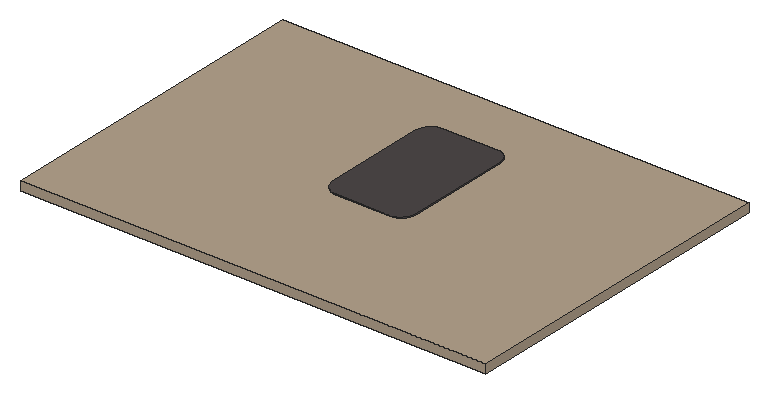
Revit family "console with cutout for bowl with tap hole", category Furniture, Revit 2019 (continued)
Definition of nested family "console 780_550 with cutout in the middle for bowls with tap hole-54120050-dark_walnut-200_content"
  Forms (mm)
    Extrusion 2, solid, visible <- "ContentVisible", detail levels medium+fine
      sketch origin (0, 0, 0) x (1, 0, 0) y (0, 1, 0)
        loop
          arc (70, -120.5) -> (62.678, -102.822) -> (45, -95.5) r 25
          line (45, -95.5) -> (-45, -95.5)
          arc (-45, -95.5) -> (-62.678, -102.822) -> (-70, -120.5) r 25
      from 0 to 16
    Extrusion 3, solid, visible <- "ContentVisible", detail levels coarse
      sketch origin (0, -275, 0) x (1, 0, 0) y (0, 1, 0)
        loop
          line (-390, -275) -> (390, -275) -> (390, 275) -> (-390, 275) -> (-390, -275)
      from 0 to 16
  Dimensions and locks
    aligned and locked: level to plane 2
Definition of nested family "console 780_550 with cutout in the middle for bowls with tap hole-54120050-dark_walnut-400_content"
  Parameters (values of type "Console 780_550 with cutout in the middle for bowls with tap hole-54120050-DARK_WALNUT-400_Content")
    WEIGHT = "8.4"
    UNSPSC = "56 | Furniture and Furnishings"
    UNIFORMATII = "E2010 | Fixed Furnishings"
    UNICLASS2015 = "Pr_40_20_76_94 | Vanity units"
    SURFACE = "DARK_WALNUT"
    SPECIFICATION = "Surfaces:    - 54120050 High Gloss White  - 54120910 Diamond Matt Grey  - 54120230 Natural Oak  - 54120630 Dark Walnut      Specification:"
    REGIONSET = "Worldwide"
    PRODUCTURL = "https://pro.hansgrohe.com/articledetail--54120050"
    PRODUCTGROUP = "console"
    PRODUCTFAMILY = "Xelu Q"
    PERMALINK = "54120XXX"
    OMNICLASS = "23-19 31 17 11 | Bathroom Units"
    OBJECTTYPE = "Object (single object)"
    NN = "Console with cutout for bowl with tap hole"
    NBSYN = "$BASENUMBER.-$ARTNR.-$SURFACE.-$LODLEVEL."
    NB = "Console 780/550 with cutout in the middle for bowls with tap hole-54120050-DARK_WALNUT-400"
    NAME = "Xelu Q Console 780/550 with cutout in the middle for bowls with tap hole"
    Model = "Console 780/550 with cutout in the middle for bowls with tap hole-54120050-DARK_WALNUT-400"
    Manufacturer = "Hansgrohe"
    MASTERFORMAT = "12 35 30.23 | Bathroom Casework"
    LODLEVEL = "400"
    LL = 390
    LINA = "Console 780/550 with cutout in the middle for bowls with tap hole-54120050-DARK_WALNUT-400"
    L1 = 140
    L = 780
    IFC = "Furnishing element"
    GTINCODE = "4059625457658"
    ETIM = "EC011381 | Bathroom furniture set"
    Default Elevation = 1219.2 mm
    DESIGN = "Germany"
    ContentVisible [instance] = yes
    CATALOG = "Hansgrohe"
    BIMOBJECT = "Sanitary: Compound units"
    BASENUMBER = "Console 780/550 with cutout in the middle for bowls with tap hole"
    ARTNR = "54120050"
  Reference planes
    plane 1 "Center (Front/Back)": y = 0
    plane 2: z = 0
    plane 3 "Center (Left/Right)": x = 0
  Forms (mm)
    Extrusion 1, solid, visible <- "ContentVisible", detail levels medium+fine
      sketch origin (0, 0, 0) x (1, 0, 0) y (0, 1, 0)
        loop
          line (-390, 0) -> (-390, -270.5) -> (-172, -270.5)
          arc (-172, -270.5) -> (-165, -263.5) -> (-158, -270.5) r 7
          line (-158, -270.5) -> (-70, -270.5) -> (-70, -120.5)
          arc (-70, -120.5) -> (-62.678, -102.822) -> (-45, -95.5) r 25
          line (-45, -95.5) -> (45, -95.5)
          arc (45, -95.5) -> (62.678, -102.822) -> (70, -120.5) r 25
          line (70, -120.5) -> (70, -270.5) -> (158, -270.5)
          arc (158, -270.5) -> (165, -263.5) -> (172, -270.5) r 7
          line (172, -270.5) -> (390, -270.5) -> (390, 0) -> (-390, 0)
      from 0 to 16
    Extrusion 2, solid, visible <- "ContentVisible", detail levels medium+fine
      sketch origin (0, 0, 0) x (1, 0, 0) y (0, 1, 0)
        loop
          line (-390, -270.5) -> (-390, -532)
          arc (-390, -532) -> (-384.728, -544.728) -> (-372, -550) r 18
          line (-372, -550) -> (372, -550)
          arc (372, -550) -> (384.728, -544.728) -> (390, -532) r 18
          line (390, -532) -> (390, -270.5) -> (172, -270.5)
          arc (172, -270.5) -> (165, -277.5) -> (158, -270.5) r 7
          line (158, -270.5) -> (70, -270.5) -> (70, -295.5)
          arc (70, -295.5) -> (62.678, -313.178) -> (45, -320.5) r 25
          line (45, -320.5) -> (-45, -320.5)
          arc (-45, -320.5) -> (-62.678, -313.178) -> (-70, -295.5) r 25
          line (-70, -295.5) -> (-70, -270.5) -> (-158, -270.5)
          arc (-158, -270.5) -> (-165, -277.5) -> (-172, -270.5) r 7
          line (-172, -270.5) -> (-390, -270.5)
      from 0 to 16
    Extrusion 3, solid, visible <- "ContentVisible", detail levels coarse
      sketch origin (0, -275, 0) x (1, 0, 0) y (0, 1, 0)
        loop
          line (-390, -275) -> (390, -275) -> (390, 275) -> (-390, 275) -> (-390, -275)
      from 0 to 16
  Dimensions and locks
    aligned and locked: level to plane 2
Definition of nested family "console 780_550 with cutout in the middle for bowls with tap hole-54120230-diamond_grey-200_content"
  Parameters (values of type "Console 780_550 with cutout in the middle for bowls with tap hole-54120230-DIAMOND_GREY-200_Content")
    WEIGHT = "8.4"
    UNSPSC = "56 | Furniture and Furnishings"
    UNIFORMATII = "E2010 | Fixed Furnishings"
    UNICLASS2015 = "Pr_40_20_76_94 | Vanity units"
    SURFACE = "DIAMOND_GREY"
    SPECIFICATION = "Surfaces:    - 54120050 High Gloss White  - 54120910 Diamond Matt Grey  - 54120230 Natural Oak  - 54120630 Dark Walnut      Specification:"
    REGIONSET = "Worldwide"
    PRODUCTURL = "https://pro.hansgrohe.com/articledetail--54120050"
    PRODUCTGROUP = "console"
    PRODUCTFAMILY = "Xelu Q"
    PERMALINK = "54120XXX"
    OMNICLASS = "23-19 31 17 11 | Bathroom Units"
    OBJECTTYPE = "Object (single object)"
    NN = "Console with cutout for bowl with tap hole"
    NBSYN = "$BASENUMBER.-$ARTNR.-$SURFACE.-$LODLEVEL."
    NB = "Console 780/550 with cutout in the middle for bowls with tap hole-54120230-DIAMOND_GREY-200"
    NAME = "Xelu Q Console 780/550 with cutout in the middle for bowls with tap hole"
    Model = "Console 780/550 with cutout in the middle for bowls with tap hole-54120230-DIAMOND_GREY-200"
    Manufacturer = "Hansgrohe"
    MASTERFORMAT = "12 35 30.23 | Bathroom Casework"
    LODLEVEL = "200"
    LL = 390
    LINA = "Console 780/550 with cutout in the middle for bowls with tap hole-54120230-DIAMOND_GREY-200"
    L1 = 140
    L = 780
    IFC = "Furnishing element"
    GTINCODE = "4059625457658"
    ETIM = "EC011381 | Bathroom furniture set"
    Default Elevation = 1219.2 mm
    DESIGN = "Germany"
    ContentVisible [instance] = yes
    CATALOG = "Hansgrohe"
    BIMOBJECT = "Sanitary: Compound units"
    BASENUMBER = "Console 780/550 with cutout in the middle for bowls with tap hole"
    ARTNR = "54120230"
  Reference planes
    plane 1 "Center (Front/Back)": y = 0
    plane 2: z = 0
    plane 3 "Center (Left/Right)": x = 0
  Forms (mm)
    Extrusion 1, solid, visible <- "ContentVisible", detail levels medium+fine
      sketch origin (0, 0, 0.5) x (1, 0, 0) y (0, 1, 0)
        loop
          line (-390, 0) -> (-390, -550) -> (390, -550) -> (390, 0) -> (-390, 0)
      from 0 to 15
    Extrusion 2, solid, visible <- "ContentVisible", detail levels medium+fine
      sketch origin (0, 0, 0) x (1, 0, 0) y (0, 1, 0)
        loop
          line (-70, -120.5) -> (-70, -295.5)
          arc (-70, -295.5) -> (-62.678, -313.178) -> (-45, -320.5) r 25
          line (-45, -320.5) -> (45, -320.5)
          arc (45, -320.5) -> (62.678, -313.178) -> (70, -295.5) r 25
          line (70, -295.5) -> (70, -120.5)
          arc (70, -120.5) -> (62.678, -102.822) -> (45, -95.5) r 25
          line (45, -95.5) -> (-45, -95.5)
          arc (-45, -95.5) -> (-62.678, -102.822) -> (-70, -120.5) r 25
      from 0 to 16
    Extrusion 3, solid, visible <- "ContentVisible", detail levels coarse
      sketch origin (0, -275, 0) x (1, 0, 0) y (0, 1, 0)
        loop
          line (-390, -275) -> (390, -275) -> (390, 275) -> (-390, 275) -> (-390, -275)
      from 0 to 16
  Dimensions and locks
    aligned and locked: level to plane 2
Definition of nested family "console 780_550 with cutout in the middle for bowls with tap hole-54120230-diamond_grey-400_content"
  Parameters (values of type "Console 780_550 with cutout in the middle for bowls with tap hole-54120230-DIAMOND_GREY-400_Content")
    WEIGHT = "8.4"
    UNSPSC = "56 | Furniture and Furnishings"
    UNIFORMATII = "E2010 | Fixed Furnishings"
    UNICLASS2015 = "Pr_40_20_76_94 | Vanity units"
    SURFACE = "DIAMOND_GREY"
    SPECIFICATION = "Surfaces:    - 54120050 High Gloss White  - 54120910 Diamond Matt Grey  - 54120230 Natural Oak  - 54120630 Dark Walnut      Specification:"
    REGIONSET = "Worldwide"
    PRODUCTURL = "https://pro.hansgrohe.com/articledetail--54120050"
    PRODUCTGROUP = "console"
    PRODUCTFAMILY = "Xelu Q"
    PERMALINK = "54120XXX"
    OMNICLASS = "23-19 31 17 11 | Bathroom Units"
    OBJECTTYPE = "Object (single object)"
    NN = "Console with cutout for bowl with tap hole"
    NBSYN = "$BASENUMBER.-$ARTNR.-$SURFACE.-$LODLEVEL."
    NB = "Console 780/550 with cutout in the middle for bowls with tap hole-54120230-DIAMOND_GREY-400"
    NAME = "Xelu Q Console 780/550 with cutout in the middle for bowls with tap hole"
    Model = "Console 780/550 with cutout in the middle for bowls with tap hole-54120230-DIAMOND_GREY-400"
    Manufacturer = "Hansgrohe"
    MASTERFORMAT = "12 35 30.23 | Bathroom Casework"
    LODLEVEL = "400"
    LL = 390
    LINA = "Console 780/550 with cutout in the middle for bowls with tap hole-54120230-DIAMOND_GREY-400"
    L1 = 140
    L = 780
    IFC = "Furnishing element"
    GTINCODE = "4059625457658"
    ETIM = "EC011381 | Bathroom furniture set"
    Default Elevation = 1219.2 mm
    DESIGN = "Germany"
    ContentVisible [instance] = yes
    CATALOG = "Hansgrohe"
    BIMOBJECT = "Sanitary: Compound units"
    BASENUMBER = "Console 780/550 with cutout in the middle for bowls with tap hole"
    ARTNR = "54120230"
  Reference planes
    plane 1 "Center (Front/Back)": y = 0
    plane 2: z = 0
    plane 3 "Center (Left/Right)": x = 0
  Forms (mm)
    Extrusion 1, solid, visible <- "ContentVisible", detail levels medium+fine
      sketch origin (0, 0, 0) x (1, 0, 0) y (0, 1, 0)
        loop
          line (-390, 0) -> (-390, -270.5) -> (-172, -270.5)
          arc (-172, -270.5) -> (-165, -263.5) -> (-158, -270.5) r 7
          line (-158, -270.5) -> (-70, -270.5) -> (-70, -120.5)
          arc (-70, -120.5) -> (-62.678, -102.822) -> (-45, -95.5) r 25
          line (-45, -95.5) -> (45, -95.5)
          arc (45, -95.5) -> (62.678, -102.822) -> (70, -120.5) r 25
          line (70, -120.5) -> (70, -270.5) -> (158, -270.5)
          arc (158, -270.5) -> (165, -263.5) -> (172, -270.5) r 7
          line (172, -270.5) -> (390, -270.5) -> (390, 0) -> (-390, 0)
      from 0 to 16
    Extrusion 2, solid, visible <- "ContentVisible", detail levels medium+fine
      sketch origin (0, 0, 0) x (1, 0, 0) y (0, 1, 0)
        loop
          line (-390, -270.5) -> (-390, -532)
          arc (-390, -532) -> (-384.728, -544.728) -> (-372, -550) r 18
          line (-372, -550) -> (372, -550)
          arc (372, -550) -> (384.728, -544.728) -> (390, -532) r 18
          line (390, -532) -> (390, -270.5) -> (172, -270.5)
          arc (172, -270.5) -> (165, -277.5) -> (158, -270.5) r 7
          line (158, -270.5) -> (70, -270.5) -> (70, -295.5)
          arc (70, -295.5) -> (62.678, -313.178) -> (45, -320.5) r 25
          line (45, -320.5) -> (-45, -320.5)
          arc (-45, -320.5) -> (-62.678, -313.178) -> (-70, -295.5) r 25
          line (-70, -295.5) -> (-70, -270.5) -> (-158, -270.5)
          arc (-158, -270.5) -> (-165, -277.5) -> (-172, -270.5) r 7
          line (-172, -270.5) -> (-390, -270.5)
      from 0 to 16
    Extrusion 3, solid, visible <- "ContentVisible", detail levels coarse
      sketch origin (0, -275, 0) x (1, 0, 0) y (0, 1, 0)
        loop
          line (-390, -275) -> (390, -275) -> (390, 275) -> (-390, 275) -> (-390, -275)
      from 0 to 16
  Dimensions and locks
    aligned and locked: level to plane 2
Definition of nested family "console 780_550 with cutout in the middle for bowls with tap hole-54120630-natural_oak-400_content"
  Parameters (values of type "Console 780_550 with cutout in the middle for bowls with tap hole-54120630-NATURAL_OAK-400_Content")
    WEIGHT = "8.4"
    UNSPSC = "56 | Furniture and Furnishings"
    UNIFORMATII = "E2010 | Fixed Furnishings"
    UNICLASS2015 = "Pr_40_20_76_94 | Vanity units"
    SURFACE = "NATURAL_OAK"
    SPECIFICATION = "Surfaces:    - 54120050 High Gloss White  - 54120910 Diamond Matt Grey  - 54120230 Natural Oak  - 54120630 Dark Walnut      Specification:"
    REGIONSET = "Worldwide"
    PRODUCTURL = "https://pro.hansgrohe.com/articledetail--54120050"
    PRODUCTGROUP = "console"
    PRODUCTFAMILY = "Xelu Q"
    PERMALINK = "54120XXX"
    OMNICLASS = "23-19 31 17 11 | Bathroom Units"
    OBJECTTYPE = "Object (single object)"
    NN = "Console with cutout for bowl with tap hole"
    NBSYN = "$BASENUMBER.-$ARTNR.-$SURFACE.-$LODLEVEL."
    NB = "Console 780/550 with cutout in the middle for bowls with tap hole-54120630-NATURAL_OAK-400"
    NAME = "Xelu Q Console 780/550 with cutout in the middle for bowls with tap hole"
    Model = "Console 780/550 with cutout in the middle for bowls with tap hole-54120630-NATURAL_OAK-400"
    Manufacturer = "Hansgrohe"
    MASTERFORMAT = "12 35 30.23 | Bathroom Casework"
    LODLEVEL = "400"
    LL = 390
    LINA = "Console 780/550 with cutout in the middle for bowls with tap hole-54120630-NATURAL_OAK-400"
    L1 = 140
    L = 780
    IFC = "Furnishing element"
    GTINCODE = "4059625457658"
    ETIM = "EC011381 | Bathroom furniture set"
    Default Elevation = 1219.2 mm
    DESIGN = "Germany"
    ContentVisible [instance] = yes
    CATALOG = "Hansgrohe"
    BIMOBJECT = "Sanitary: Compound units"
    BASENUMBER = "Console 780/550 with cutout in the middle for bowls with tap hole"
    ARTNR = "54120630"
  Reference planes
    plane 1 "Center (Front/Back)": y = 0
    plane 2: z = 0
    plane 3 "Center (Left/Right)": x = 0
  Forms (mm)
    Extrusion 1, solid, visible <- "ContentVisible", detail levels medium+fine
      sketch origin (0, 0, 0) x (1, 0, 0) y (0, 1, 0)
        loop
          line (-390, 0) -> (-390, -270.5) -> (-172, -270.5)
          arc (-172, -270.5) -> (-165, -263.5) -> (-158, -270.5) r 7
          line (-158, -270.5) -> (-70, -270.5) -> (-70, -120.5)
          arc (-70, -120.5) -> (-62.678, -102.822) -> (-45, -95.5) r 25
          line (-45, -95.5) -> (45, -95.5)
          arc (45, -95.5) -> (62.678, -102.822) -> (70, -120.5) r 25
          line (70, -120.5) -> (70, -270.5) -> (158, -270.5)
          arc (158, -270.5) -> (165, -263.5) -> (172, -270.5) r 7
          line (172, -270.5) -> (390, -270.5) -> (390, 0) -> (-390, 0)
      from 0 to 16
    Extrusion 2, solid, visible <- "ContentVisible", detail levels medium+fine
      sketch origin (0, 0, 0) x (1, 0, 0) y (0, 1, 0)
        loop
          line (-390, -270.5) -> (-390, -532)
          arc (-390, -532) -> (-384.728, -544.728) -> (-372, -550) r 18
          line (-372, -550) -> (372, -550)
          arc (372, -550) -> (384.728, -544.728) -> (390, -532) r 18
          line (390, -532) -> (390, -270.5) -> (172, -270.5)
          arc (172, -270.5) -> (165, -277.5) -> (158, -270.5) r 7
          line (158, -270.5) -> (70, -270.5) -> (70, -295.5)
          arc (70, -295.5) -> (62.678, -313.178) -> (45, -320.5) r 25
          line (45, -320.5) -> (-45, -320.5)
          arc (-45, -320.5) -> (-62.678, -313.178) -> (-70, -295.5) r 25
          line (-70, -295.5) -> (-70, -270.5) -> (-158, -270.5)
          arc (-158, -270.5) -> (-165, -277.5) -> (-172, -270.5) r 7
          line (-172, -270.5) -> (-390, -270.5)
      from 0 to 16
    Extrusion 3, solid, visible <- "ContentVisible", detail levels coarse
      sketch origin (0, -275, 0) x (1, 0, 0) y (0, 1, 0)
        loop
          line (-390, -275) -> (390, -275) -> (390, 275) -> (-390, 275) -> (-390, -275)
      from 0 to 16
  Dimensions and locks
    aligned and locked: level to plane 2
Definition of nested family "console 780_550 with cutout in the middle for bowls with tap hole-54120910-glossy_white-200_content"
  Parameters (values of type "Console 780_550 with cutout in the middle for bowls with tap hole-54120910-GLOSSY_WHITE-200_Content")
    WEIGHT = "8.4"
    UNSPSC = "56 | Furniture and Furnishings"
    UNIFORMATII = "E2010 | Fixed Furnishings"
    UNICLASS2015 = "Pr_40_20_76_94 | Vanity units"
    SURFACE = "GLOSSY_WHITE"
    SPECIFICATION = "Surfaces:    - 54120050 High Gloss White  - 54120910 Diamond Matt Grey  - 54120230 Natural Oak  - 54120630 Dark Walnut      Specification:"
    REGIONSET = "Worldwide"
    PRODUCTURL = "https://pro.hansgrohe.com/articledetail--54120050"
    PRODUCTGROUP = "console"
    PRODUCTFAMILY = "Xelu Q"
    PERMALINK = "54120XXX"
    OMNICLASS = "23-19 31 17 11 | Bathroom Units"
    OBJECTTYPE = "Object (single object)"
    NN = "Console with cutout for bowl with tap hole"
    NBSYN = "$BASENUMBER.-$ARTNR.-$SURFACE.-$LODLEVEL."
    NB = "Console 780/550 with cutout in the middle for bowls with tap hole-54120910-GLOSSY_WHITE-200"
    NAME = "Xelu Q Console 780/550 with cutout in the middle for bowls with tap hole"
    Model = "Console 780/550 with cutout in the middle for bowls with tap hole-54120910-GLOSSY_WHITE-200"
    Manufacturer = "Hansgrohe"
    MASTERFORMAT = "12 35 30.23 | Bathroom Casework"
    LODLEVEL = "200"
    LL = 390
    LINA = "Console 780/550 with cutout in the middle for bowls with tap hole-54120910-GLOSSY_WHITE-200"
    L1 = 140
    L = 780
    IFC = "Furnishing element"
    GTINCODE = "4059625457658"
    ETIM = "EC011381 | Bathroom furniture set"
    Default Elevation = 1219.2 mm
    DESIGN = "Germany"
    ContentVisible [instance] = yes
    CATALOG = "Hansgrohe"
    BIMOBJECT = "Sanitary: Compound units"
    BASENUMBER = "Console 780/550 with cutout in the middle for bowls with tap hole"
    ARTNR = "54120910"
  Reference planes
    plane 1 "Center (Front/Back)": y = 0
    plane 2: z = 0
    plane 3 "Center (Left/Right)": x = 0
  Forms (mm)
    Extrusion 1, solid, visible <- "ContentVisible", detail levels medium+fine
      sketch origin (0, 0, 0.5) x (1, 0, 0) y (0, 1, 0)
        loop
          line (-390, 0) -> (-390, -550) -> (390, -550) -> (390, 0) -> (-390, 0)
      from 0 to 15
    Extrusion 2, solid, visible <- "ContentVisible", detail levels medium+fine
      sketch origin (0, 0, 0) x (1, 0, 0) y (0, 1, 0)
        loop
          line (-70, -120.5) -> (-70, -295.5)
          arc (-70, -295.5) -> (-62.678, -313.178) -> (-45, -320.5) r 25
          line (-45, -320.5) -> (45, -320.5)
          arc (45, -320.5) -> (62.678, -313.178) -> (70, -295.5) r 25
          line (70, -295.5) -> (70, -120.5)
          arc (70, -120.5) -> (62.678, -102.822) -> (45, -95.5) r 25
          line (45, -95.5) -> (-45, -95.5)
          arc (-45, -95.5) -> (-62.678, -102.822) -> (-70, -120.5) r 25
      from 0 to 16
    Extrusion 3, solid, visible <- "ContentVisible", detail levels coarse
      sketch origin (0, -275, 0) x (1, 0, 0) y (0, 1, 0)
        loop
          line (-390, -275) -> (390, -275) -> (390, 275) -> (-390, 275) -> (-390, -275)
      from 0 to 16
  Dimensions and locks
    aligned and locked: level to plane 2
Definition of nested family "console 780_550 with cutout in the middle for bowls with tap hole-54120910-glossy_white-400_content"
  Parameters (values of type "Console 780_550 with cutout in the middle for bowls with tap hole-54120910-GLOSSY_WHITE-400_Content")
    WEIGHT = "8.4"
    UNSPSC = "56 | Furniture and Furnishings"
    UNIFORMATII = "E2010 | Fixed Furnishings"
    UNICLASS2015 = "Pr_40_20_76_94 | Vanity units"
    SURFACE = "GLOSSY_WHITE"
    SPECIFICATION = "Surfaces:    - 54120050 High Gloss White  - 54120910 Diamond Matt Grey  - 54120230 Natural Oak  - 54120630 Dark Walnut      Specification:"
    REGIONSET = "Worldwide"
    PRODUCTURL = "https://pro.hansgrohe.com/articledetail--54120050"
    PRODUCTGROUP = "console"
    PRODUCTFAMILY = "Xelu Q"
    PERMALINK = "54120XXX"
    OMNICLASS = "23-19 31 17 11 | Bathroom Units"
    OBJECTTYPE = "Object (single object)"
    NN = "Console with cutout for bowl with tap hole"
    NBSYN = "$BASENUMBER.-$ARTNR.-$SURFACE.-$LODLEVEL."
    NB = "Console 780/550 with cutout in the middle for bowls with tap hole-54120910-GLOSSY_WHITE-400"
    NAME = "Xelu Q Console 780/550 with cutout in the middle for bowls with tap hole"
    Model = "Console 780/550 with cutout in the middle for bowls with tap hole-54120910-GLOSSY_WHITE-400"
    Manufacturer = "Hansgrohe"
    MASTERFORMAT = "12 35 30.23 | Bathroom Casework"
    LODLEVEL = "400"
    LL = 390
    LINA = "Console 780/550 with cutout in the middle for bowls with tap hole-54120910-GLOSSY_WHITE-400"
    L1 = 140
    L = 780
    IFC = "Furnishing element"
    GTINCODE = "4059625457658"
    ETIM = "EC011381 | Bathroom furniture set"
    Default Elevation = 1219.2 mm
    DESIGN = "Germany"
    ContentVisible [instance] = yes
    CATALOG = "Hansgrohe"
    BIMOBJECT = "Sanitary: Compound units"
    BASENUMBER = "Console 780/550 with cutout in the middle for bowls with tap hole"
    ARTNR = "54120910"
  Reference planes
    plane 1 "Center (Front/Back)": y = 0
    plane 2: z = 0
    plane 3 "Center (Left/Right)": x = 0
  Forms (mm)
    Extrusion 1, solid, visible <- "ContentVisible", detail levels medium+fine
      sketch origin (0, 0, 0) x (1, 0, 0) y (0, 1, 0)
        loop
          line (-390, 0) -> (-390, -270.5) -> (-172, -270.5)
          arc (-172, -270.5) -> (-165, -263.5) -> (-158, -270.5) r 7
          line (-158, -270.5) -> (-70, -270.5) -> (-70, -120.5)
          arc (-70, -120.5) -> (-62.678, -102.822) -> (-45, -95.5) r 25
          line (-45, -95.5) -> (45, -95.5)
          arc (45, -95.5) -> (62.678, -102.822) -> (70, -120.5) r 25
          line (70, -120.5) -> (70, -270.5) -> (158, -270.5)
          arc (158, -270.5) -> (165, -263.5) -> (172, -270.5) r 7
          line (172, -270.5) -> (390, -270.5) -> (390, 0) -> (-390, 0)
      from 0 to 16
    Extrusion 2, solid, visible <- "ContentVisible", detail levels medium+fine
      sketch origin (0, 0, 0) x (1, 0, 0) y (0, 1, 0)
        loop
          line (-390, -270.5) -> (-390, -532)
          arc (-390, -532) -> (-384.728, -544.728) -> (-372, -550) r 18
          line (-372, -550) -> (372, -550)
          arc (372, -550) -> (384.728, -544.728) -> (390, -532) r 18
          line (390, -532) -> (390, -270.5) -> (172, -270.5)
          arc (172, -270.5) -> (165, -277.5) -> (158, -270.5) r 7
          line (158, -270.5) -> (70, -270.5) -> (70, -295.5)
          arc (70, -295.5) -> (62.678, -313.178) -> (45, -320.5) r 25
          line (45, -320.5) -> (-45, -320.5)
          arc (-45, -320.5) -> (-62.678, -313.178) -> (-70, -295.5) r 25
          line (-70, -295.5) -> (-70, -270.5) -> (-158, -270.5)
          arc (-158, -270.5) -> (-165, -277.5) -> (-172, -270.5) r 7
          line (-172, -270.5) -> (-390, -270.5)
      from 0 to 16
    Extrusion 3, solid, visible <- "ContentVisible", detail levels coarse
      sketch origin (0, -275, 0) x (1, 0, 0) y (0, 1, 0)
        loop
          line (-390, -275) -> (390, -275) -> (390, 275) -> (-390, 275) -> (-390, -275)
      from 0 to 16
  Dimensions and locks
    aligned and locked: level to plane 2
Definition of nested family "console 980_550 with cutout in the middle for bowl with tap hole-54121050-natural_oak-200_content"
  Parameters (values of type "Console 980_550 with cutout in the middle for bowl with tap hole-54121050-NATURAL_OAK-200_Content")
    WEIGHT = "13.2"
    UNSPSC = "56 | Furniture and Furnishings"
    UNIFORMATII = "E2010 | Fixed Furnishings"
    UNICLASS2015 = "Pr_40_20_76_94 | Vanity units"
    SURFACE = "NATURAL_OAK"
    SPECIFICATION = "Surfaces:    - 54121050 High Gloss White  - 54121910 Diamond Matt Grey  - 54121230 Natural Oak  - 54121630 Dark Walnut      Specification:"
    REGIONSET = "Worldwide"
    PRODUCTURL = "https://pro.hansgrohe.com/articledetail--54121050"
    PRODUCTGROUP = "console"
    PRODUCTFAMILY = "Xelu Q"
    PERMALINK = "54121XXX"
    OMNICLASS = "23-19 31 17 11 | Bathroom Units"
    OBJECTTYPE = "Object (single object)"
    NN = "Console with cutout for bowl with tap hole"
    NBSYN = "$BASENUMBER.-$ARTNR.-$SURFACE.-$LODLEVEL."
    NB = "Console 980/550 with cutout in the middle for bowl with tap hole-54121050-NATURAL_OAK-200"
    NAME = "Xelu Q Console 980/550 with cutout in the middle for bowl with tap hole"
    Model = "Console 980/550 with cutout in the middle for bowl with tap hole-54121050-NATURAL_OAK-200"
    Manufacturer = "Hansgrohe"
    MASTERFORMAT = "12 35 30.23 | Bathroom Casework"
    LODLEVEL = "200"
    LL = 490
    LINA = "Console 980/550 with cutout in the middle for bowl with tap hole-54121050-NATURAL_OAK-200"
    L1 = 140
    L = 980
    IFC = "Furnishing element"
    GTINCODE = "4059625458013"
    ETIM = "EC011381 | Bathroom furniture set"
    Default Elevation = 1219.2 mm
    DESIGN = "Germany"
    ContentVisible [instance] = yes
    CATALOG = "Hansgrohe"
    BIMOBJECT = "Sanitary: Compound units"
    BASENUMBER = "Console 980/550 with cutout in the middle for bowl with tap hole"
    ARTNR = "54121050"
  Reference planes
    plane 1 "Center (Front/Back)": y = 0
    plane 2: z = 0
    plane 3 "Center (Left/Right)": x = 0
  Forms (mm)
    Extrusion 1, solid, visible <- "ContentVisible", detail levels medium+fine
      sketch origin (0, 0, 0.5) x (1, 0, 0) y (0, 1, 0)
        loop
          line (-490, 0) -> (-490, -550) -> (490, -550) -> (490, 0) -> (-490, 0)
      from 0 to 15
    Extrusion 2, solid, visible <- "ContentVisible", detail levels medium+fine
      sketch origin (0, 0, 0) x (1, 0, 0) y (0, 1, 0)
        loop
          line (-70, -120.5) -> (-70, -295.5)
          arc (-70, -295.5) -> (-62.678, -313.178) -> (-45, -320.5) r 25
          line (-45, -320.5) -> (45, -320.5)
          arc (45, -320.5) -> (62.678, -313.178) -> (70, -295.5) r 25
          line (70, -295.5) -> (70, -120.5)
          arc (70, -120.5) -> (62.678, -102.822) -> (45, -95.5) r 25
          line (45, -95.5) -> (-45, -95.5)
          arc (-45, -95.5) -> (-62.678, -102.822) -> (-70, -120.5) r 25
      from 0 to 16
    Extrusion 3, solid, visible <- "ContentVisible", detail levels coarse
      sketch origin (0, -275, 0) x (1, 0, 0) y (0, 1, 0)
        loop
          line (-490, -275) -> (490, -275) -> (490, 275) -> (-490, 275) -> (-490, -275)
      from 0 to 16
  Dimensions and locks
    aligned and locked: level to plane 2
Definition of nested family "console 980_550 with cutout in the middle for bowl with tap hole-54121050-natural_oak-400_content"
  Parameters (values of type "Console 980_550 with cutout in the middle for bowl with tap hole-54121050-NATURAL_OAK-400_Content")
    WEIGHT = "13.2"
    UNSPSC = "56 | Furniture and Furnishings"
    UNIFORMATII = "E2010 | Fixed Furnishings"
    UNICLASS2015 = "Pr_40_20_76_94 | Vanity units"
    SURFACE = "NATURAL_OAK"
    SPECIFICATION = "Surfaces:    - 54121050 High Gloss White  - 54121910 Diamond Matt Grey  - 54121230 Natural Oak  - 54121630 Dark Walnut      Specification:"
    REGIONSET = "Worldwide"
    PRODUCTURL = "https://pro.hansgrohe.com/articledetail--54121050"
    PRODUCTGROUP = "console"
    PRODUCTFAMILY = "Xelu Q"
    PERMALINK = "54121XXX"
    OMNICLASS = "23-19 31 17 11 | Bathroom Units"
    OBJECTTYPE = "Object (single object)"
    NN = "Console with cutout for bowl with tap hole"
    NBSYN = "$BASENUMBER.-$ARTNR.-$SURFACE.-$LODLEVEL."
    NB = "Console 980/550 with cutout in the middle for bowl with tap hole-54121050-NATURAL_OAK-400"
    NAME = "Xelu Q Console 980/550 with cutout in the middle for bowl with tap hole"
    Model = "Console 980/550 with cutout in the middle for bowl with tap hole-54121050-NATURAL_OAK-400"
    Manufacturer = "Hansgrohe"
    MASTERFORMAT = "12 35 30.23 | Bathroom Casework"
    LODLEVEL = "400"
    LL = 490
    LINA = "Console 980/550 with cutout in the middle for bowl with tap hole-54121050-NATURAL_OAK-400"
    L1 = 140
    L = 980
    IFC = "Furnishing element"
    GTINCODE = "4059625458013"
    ETIM = "EC011381 | Bathroom furniture set"
    Default Elevation = 1219.2 mm
    DESIGN = "Germany"
    ContentVisible [instance] = yes
    CATALOG = "Hansgrohe"
    BIMOBJECT = "Sanitary: Compound units"
    BASENUMBER = "Console 980/550 with cutout in the middle for bowl with tap hole"
    ARTNR = "54121050"
  Reference planes
    plane 1 "Center (Front/Back)": y = 0
    plane 2: z = 0
    plane 3 "Center (Left/Right)": x = 0
  Forms (mm)
    Extrusion 1, solid, visible <- "ContentVisible", detail levels medium+fine
      sketch origin (0, 0, 0) x (1, 0, 0) y (0, 1, 0)
        loop
          line (-490, 0) -> (-490, -270.5) -> (-172, -270.5)
          arc (-172, -270.5) -> (-165, -263.5) -> (-158, -270.5) r 7
          line (-158, -270.5) -> (-70, -270.5) -> (-70, -120.5)
          arc (-70, -120.5) -> (-62.678, -102.822) -> (-45, -95.5) r 25
          line (-45, -95.5) -> (45, -95.5)
          arc (45, -95.5) -> (62.678, -102.822) -> (70, -120.5) r 25
          line (70, -120.5) -> (70, -270.5) -> (158, -270.5)
          arc (158, -270.5) -> (165, -263.5) -> (172, -270.5) r 7
          line (172, -270.5) -> (490, -270.5) -> (490, 0) -> (-490, 0)
      from 0 to 16
    Extrusion 2, solid, visible <- "ContentVisible", detail levels medium+fine
      sketch origin (0, 0, 0) x (1, 0, 0) y (0, 1, 0)
        loop
          line (-490, -270.5) -> (-490, -532)
          arc (-490, -532) -> (-484.728, -544.728) -> (-472, -550) r 18
          line (-472, -550) -> (472, -550)
          arc (472, -550) -> (484.728, -544.728) -> (490, -532) r 18
          line (490, -532) -> (490, -270.5) -> (172, -270.5)
          arc (172, -270.5) -> (165, -277.5) -> (158, -270.5) r 7
          line (158, -270.5) -> (70, -270.5) -> (70, -295.5)
          arc (70, -295.5) -> (62.678, -313.178) -> (45, -320.5) r 25
          line (45, -320.5) -> (-45, -320.5)
          arc (-45, -320.5) -> (-62.678, -313.178) -> (-70, -295.5) r 25
          line (-70, -295.5) -> (-70, -270.5) -> (-158, -270.5)
          arc (-158, -270.5) -> (-165, -277.5) -> (-172, -270.5) r 7
          line (-172, -270.5) -> (-490, -270.5)
      from 0 to 16
    Extrusion 3, solid, visible <- "ContentVisible", detail levels coarse
      sketch origin (0, -275, 0) x (1, 0, 0) y (0, 1, 0)
        loop
          line (-490, -275) -> (490, -275) -> (490, 275) -> (-490, 275) -> (-490, -275)
      from 0 to 16
  Dimensions and locks
    aligned and locked: level to plane 2
Definition of nested family "console 980_550 with cutout in the middle for bowl with tap hole-54121230-glossy_white-200_content"
  Parameters (values of type "Console 980_550 with cutout in the middle for bowl with tap hole-54121230-GLOSSY_WHITE-200_Content")
    WEIGHT = "13.2"
    UNSPSC = "56 | Furniture and Furnishings"
    UNIFORMATII = "E2010 | Fixed Furnishings"
    UNICLASS2015 = "Pr_40_20_76_94 | Vanity units"
    SURFACE = "GLOSSY_WHITE"
    SPECIFICATION = "Surfaces:    - 54121050 High Gloss White  - 54121910 Diamond Matt Grey  - 54121230 Natural Oak  - 54121630 Dark Walnut      Specification:"
    REGIONSET = "Worldwide"
    PRODUCTURL = "https://pro.hansgrohe.com/articledetail--54121050"
    PRODUCTGROUP = "console"
    PRODUCTFAMILY = "Xelu Q"
    PERMALINK = "54121XXX"
    OMNICLASS = "23-19 31 17 11 | Bathroom Units"
    OBJECTTYPE = "Object (single object)"
    NN = "Console with cutout for bowl with tap hole"
    NBSYN = "$BASENUMBER.-$ARTNR.-$SURFACE.-$LODLEVEL."
    NB = "Console 980/550 with cutout in the middle for bowl with tap hole-54121230-GLOSSY_WHITE-200"
    NAME = "Xelu Q Console 980/550 with cutout in the middle for bowl with tap hole"
    Model = "Console 980/550 with cutout in the middle for bowl with tap hole-54121230-GLOSSY_WHITE-200"
    Manufacturer = "Hansgrohe"
    MASTERFORMAT = "12 35 30.23 | Bathroom Casework"
    LODLEVEL = "200"
    LL = 490
    LINA = "Console 980/550 with cutout in the middle for bowl with tap hole-54121230-GLOSSY_WHITE-200"
    L1 = 140
    L = 980
    IFC = "Furnishing element"
    GTINCODE = "4059625458013"
    ETIM = "EC011381 | Bathroom furniture set"
    Default Elevation = 1219.2 mm
    DESIGN = "Germany"
    ContentVisible [instance] = yes
    CATALOG = "Hansgrohe"
    BIMOBJECT = "Sanitary: Compound units"
    BASENUMBER = "Console 980/550 with cutout in the middle for bowl with tap hole"
    ARTNR = "54121230"
  Reference planes
    plane 1 "Center (Front/Back)": y = 0
    plane 2: z = 0
    plane 3 "Center (Left/Right)": x = 0
  Forms (mm)
    Extrusion 1, solid, visible <- "ContentVisible", detail levels medium+fine
      sketch origin (0, 0, 0.5) x (1, 0, 0) y (0, 1, 0)
        loop
          line (-490, 0) -> (-490, -550) -> (490, -550) -> (490, 0) -> (-490, 0)
      from 0 to 15
    Extrusion 2, solid, visible <- "ContentVisible", detail levels medium+fine
      sketch origin (0, 0, 0) x (1, 0, 0) y (0, 1, 0)
        loop
          line (-70, -120.5) -> (-70, -295.5)
          arc (-70, -295.5) -> (-62.678, -313.178) -> (-45, -320.5) r 25
          line (-45, -320.5) -> (45, -320.5)
          arc (45, -320.5) -> (62.678, -313.178) -> (70, -295.5) r 25
          line (70, -295.5) -> (70, -120.5)
          arc (70, -120.5) -> (62.678, -102.822) -> (45, -95.5) r 25
          line (45, -95.5) -> (-45, -95.5)
          arc (-45, -95.5) -> (-62.678, -102.822) -> (-70, -120.5) r 25
      from 0 to 16
    Extrusion 3, solid, visible <- "ContentVisible", detail levels coarse
      sketch origin (0, -275, 0) x (1, 0, 0) y (0, 1, 0)
        loop
          line (-490, -275) -> (490, -275) -> (490, 275) -> (-490, 275) -> (-490, -275)
      from 0 to 16
  Dimensions and locks
    aligned and locked: level to plane 2
Definition of nested family "console 980_550 with cutout in the middle for bowl with tap hole-54121230-glossy_white-400_content"
  Parameters (values of type "Console 980_550 with cutout in the middle for bowl with tap hole-54121230-GLOSSY_WHITE-400_Content")
    WEIGHT = "13.2"
    UNSPSC = "56 | Furniture and Furnishings"
    UNIFORMATII = "E2010 | Fixed Furnishings"
    UNICLASS2015 = "Pr_40_20_76_94 | Vanity units"
    SURFACE = "GLOSSY_WHITE"
    SPECIFICATION = "Surfaces:    - 54121050 High Gloss White  - 54121910 Diamond Matt Grey  - 54121230 Natural Oak  - 54121630 Dark Walnut      Specification:"
    REGIONSET = "Worldwide"
    PRODUCTURL = "https://pro.hansgrohe.com/articledetail--54121050"
    PRODUCTGROUP = "console"
    PRODUCTFAMILY = "Xelu Q"
    PERMALINK = "54121XXX"
    OMNICLASS = "23-19 31 17 11 | Bathroom Units"
    OBJECTTYPE = "Object (single object)"
    NN = "Console with cutout for bowl with tap hole"
    NBSYN = "$BASENUMBER.-$ARTNR.-$SURFACE.-$LODLEVEL."
    NB = "Console 980/550 with cutout in the middle for bowl with tap hole-54121230-GLOSSY_WHITE-400"
    NAME = "Xelu Q Console 980/550 with cutout in the middle for bowl with tap hole"
    Model = "Console 980/550 with cutout in the middle for bowl with tap hole-54121230-GLOSSY_WHITE-400"
    Manufacturer = "Hansgrohe"
    MASTERFORMAT = "12 35 30.23 | Bathroom Casework"
    LODLEVEL = "400"
    LL = 490
    LINA = "Console 980/550 with cutout in the middle for bowl with tap hole-54121230-GLOSSY_WHITE-400"
    L1 = 140
    L = 980
    IFC = "Furnishing element"
    GTINCODE = "4059625458013"
    ETIM = "EC011381 | Bathroom furniture set"
    Default Elevation = 1219.2 mm
    DESIGN = "Germany"
    ContentVisible [instance] = yes
    CATALOG = "Hansgrohe"
    BIMOBJECT = "Sanitary: Compound units"
    BASENUMBER = "Console 980/550 with cutout in the middle for bowl with tap hole"
    ARTNR = "54121230"
  Reference planes
    plane 1 "Center (Front/Back)": y = 0
    plane 2: z = 0
    plane 3 "Center (Left/Right)": x = 0
  Forms (mm)
    Extrusion 1, solid, visible <- "ContentVisible", detail levels medium+fine
      sketch origin (0, 0, 0) x (1, 0, 0) y (0, 1, 0)
        loop
          line (-490, 0) -> (-490, -270.5) -> (-172, -270.5)
          arc (-172, -270.5) -> (-165, -263.5) -> (-158, -270.5) r 7
          line (-158, -270.5) -> (-70, -270.5) -> (-70, -120.5)
          arc (-70, -120.5) -> (-62.678, -102.822) -> (-45, -95.5) r 25
          line (-45, -95.5) -> (45, -95.5)
          arc (45, -95.5) -> (62.678, -102.822) -> (70, -120.5) r 25
          line (70, -120.5) -> (70, -270.5) -> (158, -270.5)
          arc (158, -270.5) -> (165, -263.5) -> (172, -270.5) r 7
          line (172, -270.5) -> (490, -270.5) -> (490, 0) -> (-490, 0)
      from 0 to 16
    Extrusion 2, solid, visible <- "ContentVisible", detail levels medium+fine
      sketch origin (0, 0, 0) x (1, 0, 0) y (0, 1, 0)
        loop
          line (-490, -270.5) -> (-490, -532)
          arc (-490, -532) -> (-484.728, -544.728) -> (-472, -550) r 18
          line (-472, -550) -> (472, -550)
          arc (472, -550) -> (484.728, -544.728) -> (490, -532) r 18
          line (490, -532) -> (490, -270.5) -> (172, -270.5)
          arc (172, -270.5) -> (165, -277.5) -> (158, -270.5) r 7
          line (158, -270.5) -> (70, -270.5) -> (70, -295.5)
          arc (70, -295.5) -> (62.678, -313.178) -> (45, -320.5) r 25
          line (45, -320.5) -> (-45, -320.5)
          arc (-45, -320.5) -> (-62.678, -313.178) -> (-70, -295.5) r 25
          line (-70, -295.5) -> (-70, -270.5) -> (-158, -270.5)
          arc (-158, -270.5) -> (-165, -277.5) -> (-172, -270.5) r 7
          line (-172, -270.5) -> (-490, -270.5)
      from 0 to 16
    Extrusion 3, solid, visible <- "ContentVisible", detail levels coarse
      sketch origin (0, -275, 0) x (1, 0, 0) y (0, 1, 0)
        loop
          line (-490, -275) -> (490, -275) -> (490, 275) -> (-490, 275) -> (-490, -275)
      from 0 to 16
  Dimensions and locks
    aligned and locked: level to plane 2
Definition of nested family "console 980_550 with cutout in the middle for bowl with tap hole-54121630-dark_walnut-200_content"
  Parameters (values of type "Console 980_550 with cutout in the middle for bowl with tap hole-54121630-DARK_WALNUT-200_Content")
    WEIGHT = "13.2"
    UNSPSC = "56 | Furniture and Furnishings"
    UNIFORMATII = "E2010 | Fixed Furnishings"
    UNICLASS2015 = "Pr_40_20_76_94 | Vanity units"
    SURFACE = "DARK_WALNUT"
    SPECIFICATION = "Surfaces:    - 54121050 High Gloss White  - 54121910 Diamond Matt Grey  - 54121230 Natural Oak  - 54121630 Dark Walnut      Specification:"
    REGIONSET = "Worldwide"
    PRODUCTURL = "https://pro.hansgrohe.com/articledetail--54121050"
    PRODUCTGROUP = "console"
    PRODUCTFAMILY = "Xelu Q"
    PERMALINK = "54121XXX"
    OMNICLASS = "23-19 31 17 11 | Bathroom Units"
    OBJECTTYPE = "Object (single object)"
    NN = "Console with cutout for bowl with tap hole"
    NBSYN = "$BASENUMBER.-$ARTNR.-$SURFACE.-$LODLEVEL."
    NB = "Console 980/550 with cutout in the middle for bowl with tap hole-54121630-DARK_WALNUT-200"
    NAME = "Xelu Q Console 980/550 with cutout in the middle for bowl with tap hole"
    Model = "Console 980/550 with cutout in the middle for bowl with tap hole-54121630-DARK_WALNUT-200"
    Manufacturer = "Hansgrohe"
    MASTERFORMAT = "12 35 30.23 | Bathroom Casework"
    LODLEVEL = "200"
    LL = 490
    LINA = "Console 980/550 with cutout in the middle for bowl with tap hole-54121630-DARK_WALNUT-200"
    L1 = 140
    L = 980
    IFC = "Furnishing element"
    GTINCODE = "4059625458013"
    ETIM = "EC011381 | Bathroom furniture set"
    Default Elevation = 1219.2 mm
    DESIGN = "Germany"
    ContentVisible [instance] = yes
    CATALOG = "Hansgrohe"
    BIMOBJECT = "Sanitary: Compound units"
    BASENUMBER = "Console 980/550 with cutout in the middle for bowl with tap hole"
    ARTNR = "54121630"
  Reference planes
    plane 1 "Center (Front/Back)": y = 0
    plane 2: z = 0
    plane 3 "Center (Left/Right)": x = 0
  Forms (mm)
    Extrusion 1, solid, visible <- "ContentVisible", detail levels medium+fine
      sketch origin (0, 0, 0.5) x (1, 0, 0) y (0, 1, 0)
        loop
          line (-490, 0) -> (-490, -550) -> (490, -550) -> (490, 0) -> (-490, 0)
      from 0 to 15
    Extrusion 2, solid, visible <- "ContentVisible", detail levels medium+fine
      sketch origin (0, 0, 0) x (1, 0, 0) y (0, 1, 0)
        loop
          line (-70, -120.5) -> (-70, -295.5)
          arc (-70, -295.5) -> (-62.678, -313.178) -> (-45, -320.5) r 25
          line (-45, -320.5) -> (45, -320.5)
          arc (45, -320.5) -> (62.678, -313.178) -> (70, -295.5) r 25
          line (70, -295.5) -> (70, -120.5)
          arc (70, -120.5) -> (62.678, -102.822) -> (45, -95.5) r 25
          line (45, -95.5) -> (-45, -95.5)
          arc (-45, -95.5) -> (-62.678, -102.822) -> (-70, -120.5) r 25
      from 0 to 16
    Extrusion 3, solid, visible <- "ContentVisible", detail levels coarse
      sketch origin (0, -275, 0) x (1, 0, 0) y (0, 1, 0)
        loop
          line (-490, -275) -> (490, -275) -> (490, 275) -> (-490, 275) -> (-490, -275)
      from 0 to 16
  Dimensions and locks
    aligned and locked: level to plane 2
Definition of nested family "console 980_550 with cutout in the middle for bowl with tap hole-54121630-dark_walnut-400_content"
  Parameters (values of type "Console 980_550 with cutout in the middle for bowl with tap hole-54121630-DARK_WALNUT-400_Content")
    WEIGHT = "13.2"
    UNSPSC = "56 | Furniture and Furnishings"
    UNIFORMATII = "E2010 | Fixed Furnishings"
    UNICLASS2015 = "Pr_40_20_76_94 | Vanity units"
    SURFACE = "DARK_WALNUT"
    SPECIFICATION = "Surfaces:    - 54121050 High Gloss White  - 54121910 Diamond Matt Grey  - 54121230 Natural Oak  - 54121630 Dark Walnut      Specification:"
    REGIONSET = "Worldwide"
    PRODUCTURL = "https://pro.hansgrohe.com/articledetail--54121050"
    PRODUCTGROUP = "console"
    PRODUCTFAMILY = "Xelu Q"
    PERMALINK = "54121XXX"
    OMNICLASS = "23-19 31 17 11 | Bathroom Units"
    OBJECTTYPE = "Object (single object)"
    NN = "Console with cutout for bowl with tap hole"
    NBSYN = "$BASENUMBER.-$ARTNR.-$SURFACE.-$LODLEVEL."
    NB = "Console 980/550 with cutout in the middle for bowl with tap hole-54121630-DARK_WALNUT-400"
    NAME = "Xelu Q Console 980/550 with cutout in the middle for bowl with tap hole"
    Model = "Console 980/550 with cutout in the middle for bowl with tap hole-54121630-DARK_WALNUT-400"
    Manufacturer = "Hansgrohe"
    MASTERFORMAT = "12 35 30.23 | Bathroom Casework"
    LODLEVEL = "400"
    LL = 490
    LINA = "Console 980/550 with cutout in the middle for bowl with tap hole-54121630-DARK_WALNUT-400"
    L1 = 140
    L = 980
    IFC = "Furnishing element"
    GTINCODE = "4059625458013"
    ETIM = "EC011381 | Bathroom furniture set"
    Default Elevation = 1219.2 mm
    DESIGN = "Germany"
    ContentVisible [instance] = yes
    CATALOG = "Hansgrohe"
    BIMOBJECT = "Sanitary: Compound units"
    BASENUMBER = "Console 980/550 with cutout in the middle for bowl with tap hole"
    ARTNR = "54121630"
  Reference planes
    plane 1 "Center (Front/Back)": y = 0
    plane 2: z = 0
    plane 3 "Center (Left/Right)": x = 0
  Forms (mm)
    Extrusion 1, solid, visible <- "ContentVisible", detail levels medium+fine
      sketch origin (0, 0, 0) x (1, 0, 0) y (0, 1, 0)
        loop
          line (-490, 0) -> (-490, -270.5) -> (-172, -270.5)
          arc (-172, -270.5) -> (-165, -263.5) -> (-158, -270.5) r 7
          line (-158, -270.5) -> (-70, -270.5) -> (-70, -120.5)
          arc (-70, -120.5) -> (-62.678, -102.822) -> (-45, -95.5) r 25
          line (-45, -95.5) -> (45, -95.5)
          arc (45, -95.5) -> (62.678, -102.822) -> (70, -120.5) r 25
          line (70, -120.5) -> (70, -270.5) -> (158, -270.5)
          arc (158, -270.5) -> (165, -263.5) -> (172, -270.5) r 7
          line (172, -270.5) -> (490, -270.5) -> (490, 0) -> (-490, 0)
      from 0 to 16
    Extrusion 2, solid, visible <- "ContentVisible", detail levels medium+fine
      sketch origin (0, 0, 0) x (1, 0, 0) y (0, 1, 0)
        loop
          line (-490, -270.5) -> (-490, -532)
          arc (-490, -532) -> (-484.728, -544.728) -> (-472, -550) r 18
          line (-472, -550) -> (472, -550)
          arc (472, -550) -> (484.728, -544.728) -> (490, -532) r 18
          line (490, -532) -> (490, -270.5) -> (172, -270.5)
          arc (172, -270.5) -> (165, -277.5) -> (158, -270.5) r 7
          line (158, -270.5) -> (70, -270.5) -> (70, -295.5)
          arc (70, -295.5) -> (62.678, -313.178) -> (45, -320.5) r 25
          line (45, -320.5) -> (-45, -320.5)
          arc (-45, -320.5) -> (-62.678, -313.178) -> (-70, -295.5) r 25
          line (-70, -295.5) -> (-70, -270.5) -> (-158, -270.5)
          arc (-158, -270.5) -> (-165, -277.5) -> (-172, -270.5) r 7
          line (-172, -270.5) -> (-490, -270.5)
      from 0 to 16
    Extrusion 3, solid, visible <- "ContentVisible", detail levels coarse
      sketch origin (0, -275, 0) x (1, 0, 0) y (0, 1, 0)
        loop
          line (-490, -275) -> (490, -275) -> (490, 275) -> (-490, 275) -> (-490, -275)
      from 0 to 16
  Dimensions and locks
    aligned and locked: level to plane 2
Definition of nested family "console 980_550 with cutout in the middle for bowl with tap hole-54121910-diamond_grey-200_content"
  Parameters (values of type "Console 980_550 with cutout in the middle for bowl with tap hole-54121910-DIAMOND_GREY-200_Content")
    WEIGHT = "13.2"
    UNSPSC = "56 | Furniture and Furnishings"
    UNIFORMATII = "E2010 | Fixed Furnishings"
    UNICLASS2015 = "Pr_40_20_76_94 | Vanity units"
    SURFACE = "DIAMOND_GREY"
    SPECIFICATION = "Surfaces:    - 54121050 High Gloss White  - 54121910 Diamond Matt Grey  - 54121230 Natural Oak  - 54121630 Dark Walnut      Specification:"
    REGIONSET = "Worldwide"
    PRODUCTURL = "https://pro.hansgrohe.com/articledetail--54121050"
    PRODUCTGROUP = "console"
    PRODUCTFAMILY = "Xelu Q"
    PERMALINK = "54121XXX"
    OMNICLASS = "23-19 31 17 11 | Bathroom Units"
    OBJECTTYPE = "Object (single object)"
    NN = "Console with cutout for bowl with tap hole"
    NBSYN = "$BASENUMBER.-$ARTNR.-$SURFACE.-$LODLEVEL."
    NB = "Console 980/550 with cutout in the middle for bowl with tap hole-54121910-DIAMOND_GREY-200"
    NAME = "Xelu Q Console 980/550 with cutout in the middle for bowl with tap hole"
    Model = "Console 980/550 with cutout in the middle for bowl with tap hole-54121910-DIAMOND_GREY-200"
    Manufacturer = "Hansgrohe"
    MASTERFORMAT = "12 35 30.23 | Bathroom Casework"
    LODLEVEL = "200"
    LL = 490
    LINA = "Console 980/550 with cutout in the middle for bowl with tap hole-54121910-DIAMOND_GREY-200"
    L1 = 140
    L = 980
    IFC = "Furnishing element"
    GTINCODE = "4059625458013"
    ETIM = "EC011381 | Bathroom furniture set"
    Default Elevation = 1219.2 mm
    DESIGN = "Germany"
    ContentVisible [instance] = yes
    CATALOG = "Hansgrohe"
    BIMOBJECT = "Sanitary: Compound units"
    BASENUMBER = "Console 980/550 with cutout in the middle for bowl with tap hole"
    ARTNR = "54121910"
  Reference planes
    plane 1 "Center (Front/Back)": y = 0
    plane 2: z = 0
    plane 3 "Center (Left/Right)": x = 0
  Forms (mm)
    Extrusion 1, solid, visible <- "ContentVisible", detail levels medium+fine
      sketch origin (0, 0, 0.5) x (1, 0, 0) y (0, 1, 0)
        loop
          line (-490, 0) -> (-490, -550) -> (490, -550) -> (490, 0) -> (-490, 0)
      from 0 to 15
    Extrusion 2, solid, visible <- "ContentVisible", detail levels medium+fine
      sketch origin (0, 0, 0) x (1, 0, 0) y (0, 1, 0)
        loop
          line (-70, -120.5) -> (-70, -295.5)
          arc (-70, -295.5) -> (-62.678, -313.178) -> (-45, -320.5) r 25
          line (-45, -320.5) -> (45, -320.5)
          arc (45, -320.5) -> (62.678, -313.178) -> (70, -295.5) r 25
          line (70, -295.5) -> (70, -120.5)
          arc (70, -120.5) -> (62.678, -102.822) -> (45, -95.5) r 25
          line (45, -95.5) -> (-45, -95.5)
          arc (-45, -95.5) -> (-62.678, -102.822) -> (-70, -120.5) r 25
      from 0 to 16
    Extrusion 3, solid, visible <- "ContentVisible", detail levels coarse
      sketch origin (0, -275, 0) x (1, 0, 0) y (0, 1, 0)
        loop
          line (-490, -275) -> (490, -275) -> (490, 275) -> (-490, 275) -> (-490, -275)
      from 0 to 16
  Dimensions and locks
    aligned and locked: level to plane 2
Definition of nested family "console 980_550 with cutout in the middle for bowl with tap hole-54121910-diamond_grey-400_content"
  Parameters (values of type "Console 980_550 with cutout in the middle for bowl with tap hole-54121910-DIAMOND_GREY-400_Content")
    WEIGHT = "13.2"
    UNSPSC = "56 | Furniture and Furnishings"
    UNIFORMATII = "E2010 | Fixed Furnishings"
    UNICLASS2015 = "Pr_40_20_76_94 | Vanity units"
    SURFACE = "DIAMOND_GREY"
    SPECIFICATION = "Surfaces:    - 54121050 High Gloss White  - 54121910 Diamond Matt Grey  - 54121230 Natural Oak  - 54121630 Dark Walnut      Specification:"
    REGIONSET = "Worldwide"
    PRODUCTURL = "https://pro.hansgrohe.com/articledetail--54121050"
    PRODUCTGROUP = "console"
    PRODUCTFAMILY = "Xelu Q"
    PERMALINK = "54121XXX"
    OMNICLASS = "23-19 31 17 11 | Bathroom Units"
    OBJECTTYPE = "Object (single object)"
    NN = "Console with cutout for bowl with tap hole"
    NBSYN = "$BASENUMBER.-$ARTNR.-$SURFACE.-$LODLEVEL."
    NB = "Console 980/550 with cutout in the middle for bowl with tap hole-54121910-DIAMOND_GREY-400"
    NAME = "Xelu Q Console 980/550 with cutout in the middle for bowl with tap hole"
    Model = "Console 980/550 with cutout in the middle for bowl with tap hole-54121910-DIAMOND_GREY-400"
    Manufacturer = "Hansgrohe"
    MASTERFORMAT = "12 35 30.23 | Bathroom Casework"
    LODLEVEL = "400"
    LL = 490
    LINA = "Console 980/550 with cutout in the middle for bowl with tap hole-54121910-DIAMOND_GREY-400"
    L1 = 140
    L = 980
    IFC = "Furnishing element"
    GTINCODE = "4059625458013"
    ETIM = "EC011381 | Bathroom furniture set"
    Default Elevation = 1219.2 mm
    DESIGN = "Germany"
    ContentVisible [instance] = yes
    CATALOG = "Hansgrohe"
    BIMOBJECT = "Sanitary: Compound units"
    BASENUMBER = "Console 980/550 with cutout in the middle for bowl with tap hole"
    ARTNR = "54121910"
  Reference planes
    plane 1 "Center (Front/Back)": y = 0
    plane 2: z = 0
    plane 3 "Center (Left/Right)": x = 0
  Forms (mm)
    Extrusion 1, solid, visible <- "ContentVisible", detail levels medium+fine
      sketch origin (0, 0, 0) x (1, 0, 0) y (0, 1, 0)
        loop
          line (-490, 0) -> (-490, -270.5) -> (-172, -270.5)
          arc (-172, -270.5) -> (-165, -263.5) -> (-158, -270.5) r 7
          line (-158, -270.5) -> (-70, -270.5) -> (-70, -120.5)
          arc (-70, -120.5) -> (-62.678, -102.822) -> (-45, -95.5) r 25
          line (-45, -95.5) -> (45, -95.5)
          arc (45, -95.5) -> (62.678, -102.822) -> (70, -120.5) r 25
          line (70, -120.5) -> (70, -270.5) -> (158, -270.5)
          arc (158, -270.5) -> (165, -263.5) -> (172, -270.5) r 7
          line (172, -270.5) -> (490, -270.5) -> (490, 0) -> (-490, 0)
      from 0 to 16
    Extrusion 2, solid, visible <- "ContentVisible", detail levels medium+fine
      sketch origin (0, 0, 0) x (1, 0, 0) y (0, 1, 0)
        loop
          line (-490, -270.5) -> (-490, -532)
          arc (-490, -532) -> (-484.728, -544.728) -> (-472, -550) r 18
          line (-472, -550) -> (472, -550)
          arc (472, -550) -> (484.728, -544.728) -> (490, -532) r 18
          line (490, -532) -> (490, -270.5) -> (172, -270.5)
          arc (172, -270.5) -> (165, -277.5) -> (158, -270.5) r 7
          line (158, -270.5) -> (70, -270.5) -> (70, -295.5)
          arc (70, -295.5) -> (62.678, -313.178) -> (45, -320.5) r 25
          line (45, -320.5) -> (-45, -320.5)
          arc (-45, -320.5) -> (-62.678, -313.178) -> (-70, -295.5) r 25
          line (-70, -295.5) -> (-70, -270.5) -> (-158, -270.5)
          arc (-158, -270.5) -> (-165, -277.5) -> (-172, -270.5) r 7
          line (-172, -270.5) -> (-490, -270.5)
      from 0 to 16
    Extrusion 3, solid, visible <- "ContentVisible", detail levels coarse
      sketch origin (0, -275, 0) x (1, 0, 0) y (0, 1, 0)
        loop
          line (-490, -275) -> (490, -275) -> (490, 275) -> (-490, 275) -> (-490, -275)
      from 0 to 16
  Dimensions and locks
    aligned and locked: level to plane 2
